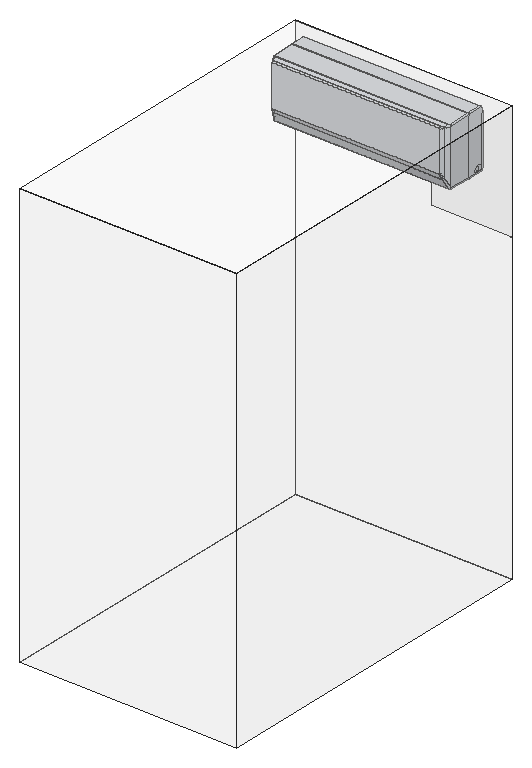
Revit family "pk-rp28_112laka19_50hz", category 機械設備, Revit 2019
Family settings
  丸型コネクタ寸法 = 直径を使用
  パーツ タイプ = 標準
  OmniClass 番号 = 23.75.10.24.21.27.27
  OmniClass タイトル = Split System Air Conditioning Units
  作業面ベース = いいえ
  常に垂直 = はい
  ロード時にボイドで切り取り = いいえ
  共有 = いいえ
  部屋計算ポイント = はい
Parameters (values of type "壁掛_PK-RP28LA3")
  風量_静 (m3/min) = 6.3
  風量_強 (m3/min) = 8.7
  風量_弱 (m3/min) = 7.3
  風量_中 (m3/min) = 8
  風量 = MAX風量  # 522.0 m³/h
  音響パワーレベル_静 (dB) = 45
  音響パワーレベル_弱 (dB) = 48
  音響パワーレベル_中 (dB) = 50
  音響パワーレベル_強 (dB) = 52
  音響パワーレベル(dB) = [音響パワーレベル_強 (dB)]  # 52
  電源種別 = ""
  電源_H = 0 mm
  電圧 = 0 V
  電動機出力_送風機 = 0.03 kW
  運転質量 = 0.00 kg
  連動 = ""
  質量 = if(製品質量 > 運転質量, 製品質量, 運転質量) * 1.2  # 15.00 kg
  負荷分類 = 3_ファン類
  構成品番 = "PK-RP28LA3"
  壁掛_PK-RP80_112KA17 = no
  壁掛_PK-RP56_71KA17 = no
  壁掛_PK-RP40_50LA = yes
  冷媒液管位置-Z = 280 mm
  冷媒液管位置-Y = 23 mm
  冷媒液管位置-X = 711 mm
  冷媒ガス管位置-Z = 268 mm
  冷媒ガス管位置-Y = 23 mm
  冷媒ガス管位置-X = 642 mm
  ドレン管径 (外径) = 22 mm
  ドレン位置-Z = 274 mm
  ドレン位置-Y = 37 mm
  ドレン位置-X = 660 mm
  サービススペース PK-RP56KA～PK-RP71KA = no
  サービススペース PK-RP40LA～PK-RP50LA / PK-RP80KA～PK-RP112KA = yes
  【値が 0 の項目は組合せ形名にてご確認ください】 = ""
  URL = "https://www.mitsubishielectric.co.jp/ldg/wink/ssl/top.do"
  Space Top = 50 mm
  Space Right_1 = 260 mm
  Space Right = 150 mm
  Space Left = 50 mm
  Space Bot_2 = 250 mm
  Space Bot_1 = 7 mm
  MIN２風量 = [風量_静 (m3/min)] * 60.0 m³/h  # 378.0 m³/h
  MIN風量 = [風量_弱 (m3/min)] * 60.0 m³/h  # 438.0 m³/h
  MID風量 = [風量_中 (m3/min)] * 60.0 m³/h  # 480.0 m³/h
  MAX風量 = [風量_強 (m3/min)] * 60.0 m³/h  # 522.0 m³/h
  説明 = "店舗・事務所用パッケージエアコン(Mr.SLIM) 壁掛形<ワイヤード>"
  設計暖房能力 = 0.00 kW
  設計冷房能力_顕熱 = 0 kW
  設計冷房能力 = 0 kW
  設置方法 = "壁掛形"
  記号 = ""
  製造元 = "三菱電機株式会社"
  製品質量 = 12.50 kg
  製品出荷対象 = "国内"
  製品リリース年月 = ""
  製品グループ = ""
  系統 = ""
  符号 = "PAC_WR"
  積算_科目 = "1 空気調和設備"
  積算_拾い区分 [instance] = ""
  相 = 1
  盤記号 = ""
  発停方法 = "付属スイッチ"
  特殊仕様 = ""
  火災停止 = ""
  消費電力_暖房 = 0.02 kW
  消費電力_冷房 = 0.03 kW
  消費電力 = if(消費電力_冷房 > 消費電力_暖房, 消費電力_冷房, 消費電力_暖房)  # 0.03 kW
  法定耐用年数 = "6"
  極数 = 1
  材質 = ""
  本体マテリアル = none
  有効加湿量 = 0
  暖房能力 = 2.80 kW
  推奨ブレーカー容量 = 0 A
  形式_加湿器 = ""
  形式 = "壁掛（露出）形"
  幹線記号 = ""
  始動方式 = "直入"
  呼称 = "室内機_壁掛（露出）形"
  周波数 = 50 Hz
  吊り位置Y = 0 mm
  吊り位置X = 0 mm
  吊りボルト_H = 0 mm
  台数_手元リモコン = ""
  台数_冷媒分岐ユニット = ""
  参照している仕様書等のバージョン = "公共建築工事標準仕様書（機械設備工事編）平成31年度版"
  加湿給水管径 = 0.00 mm
  分類コード = "5.0053E+13"
  分類グループ = ""
  冷房能力 = 2.5 kW
  冷媒高低圧ガス管径 = 0.00 mm
  冷媒管径符号 = "Ac"
  冷媒管径 = 100.00 mm
  冷媒液管径 = 6.35 mm
  冷媒ガス管径 = 12.70 mm
  企業コード = "108420"
  付属品_フィルター = ""
  付属品 = ""
  仕様書バージョン = "Version1.0"
  Model = ""
  パネルマテリアル = none
  ドレン管径 = 16.00 mm
  サービススペース = yes
  コメント [instance] = ""
  ケーブル種類 = ""
  ケーブルサイズ = 0 mm
  Width = 898 mm
  Uniclass2015Version = "Systems v1.9"
  Uniclass2015Title = "Split coil remote air cooled condensing units"
  Uniclass2015Code = "Pr_70_65_03_84"
  SpecificationReference = ""
  SpecificationDescription = ""
  S_H = 356 mm
  Revision = ""
  ProductInformation = ""
  OmniClassCode = "23-33 17 13 11"
  IfcTypeProduct = ""
  IfcProduct = ""
  IfcExportType = "AIRCONDITIONINGUNIT"
  IfcExportAs = "IfcUnitaryEquipmentType"
  Height = 299 mm
  Depth = 237 mm
  価格 = 0
  Clearance Top = 50 mm
  Clearance Right = 150 mm
  Clearance Left = 50 mm
  Clearance Front = 1500 mm
  Clearance Bottom = 1800 mm
  Clearance Back = 0 mm
  Author = "三菱電機株式会社"
Reference planes
  plane 1 "中心(正面/背面)": y = 0
  plane 2: z = 11
  plane 3 "中心(左/右)": x = 0
  plane 4: x = -449
  plane 5: x = 449
  plane 6: z = -288
  plane 7: y = -242
  plane 8: y = -5
  plane 9: x = -211
  plane 10: x = -193
  plane 11: x = -262
  plane 12: y = -28
  plane 13: y = -28
  plane 14: y = -42
  plane 15: z = -269
  plane 16: z = -257
  plane 17: z = -263
  plane 18: z = 61
  plane 19: x = -499
  plane 20: x = 599
  plane 21: z = -295
  plane 22: z = -538
  plane 23: x = 189
  plane 24: y = -1742
  plane 25: z = -2088
  plane 26: x = -499
  plane 27: x = 599
  plane 28: y = -28
Forms (mm)
  Extrusion 1, solid, detail levels fine
    sketch origin (-88.875, 0, -1713) x (-1, 0, 0) y (0, 0, 1)
      loop
        line (-487.875, 1574) -> (-487.875, 1549) -> (-462.875, 1549) -> (-462.875, 1574) -> (-487.875, 1574)
    from -1 to 0
  Extrusion 2, solid, detail levels fine
    sketch origin (0, 0, 0) x (0, 1, 0) y (0, 0, 1)
      loop
        circle (-42, -263) r 11
    from 444 to 449
  Extrusion 3, solid, detail levels fine
    sketch origin (0, 0, 0) x (0, 1, 0) y (0, 0, 1)
      loop
        circle (-28, -263) r 15
    from 444 to 449
Dimensions and locks
  equal spacing: plane 5, plane 3 "中心(左/右)", plane 4
  "Width": plane 5 to plane 4
  "Height": level to plane 6
  locked: plane 8 to plane 1 "中心(正面/背面)" at 5
  "Depth": plane 7 to plane 8
  "ドレン位置-X": plane 5 to plane 9
  "冷媒ガス管位置-X": plane 5 to plane 10
  "冷媒液管位置-X": plane 5 to plane 11
  "ドレン位置-Y": plane 14 to plane 8
  "冷媒ガス管位置-Y": plane 13 to plane 8
  "冷媒液管位置-Y": plane 12 to plane 8
  "ドレン位置-Z": level to plane 17
  "冷媒ガス管位置-Z": level to plane 16
  "冷媒液管位置-Z": level to plane 15
  "Space Top": plane 18 to level
  "Space Left": plane 4 to plane 19
  "Space Right": plane 20 to plane 5
  "Space Bot_1": plane 6 to plane 21
  "Space Bot_2": plane 6 to plane 22
  "Space Right_1": plane 5 to plane 23
  equal spacing: plane 16, Extrusion 3 sketch curve, plane 15
  equal spacing: plane 12, Extrusion 3 sketch curve, plane 13
  locked: plane 5 to Extrusion 3 at 5
  "Clearance Front": plane 24 to plane 7
  "Clearance Bottom": plane 6 to plane 25
  "Clearance Left": plane 4 to plane 26
  "Clearance Right": plane 27 to plane 5
  plane 5 to Extrusion 1 sketch curve = 50 mm
  nested 3 to Extrusion 1 sketch curve = 150 mm
  "Clearance Top": nested 4 to plane 2
  "ドレン管径 (外径)": diameter of Extrusion 2 sketch curve
  aligned and locked: level to plane 2
  aligned and locked: plane 1 "中心(正面/背面)" to nested 1
  aligned and locked: plane 1 "中心(正面/背面)" to nested 2
  aligned and locked: plane 1 "中心(正面/背面)" to nested 3
  aligned and locked: level to nested 1
  aligned and locked: level to nested 3
  aligned and locked: plane 3 "中心(左/右)" to nested 2
  aligned and locked: plane 3 "中心(左/右)" to nested 1
  aligned and locked: plane 3 "中心(左/右)" to nested 3
  aligned and locked: plane 14 to Extrusion 2 sketch curve
  aligned and locked: plane 17 to Extrusion 2 sketch curve
  aligned and locked: plane 5 to Extrusion 3
  aligned and locked: plane 5 to Extrusion 2
  aligned and locked: Extrusion 3 to Extrusion 2
  aligned and locked: plane 1 "中心(正面/背面)" to nested 4
  aligned and locked: plane 24 to nested 4
  aligned and locked: plane 25 to nested 4
  aligned and locked: plane 26 to nested 4
  aligned and locked: plane 27 to nested 4
  aligned and locked: plane 18 to nested 4
  aligned and locked: plane 1 "中心(正面/背面)" to nested 5
  aligned and locked: plane 3 "中心(左/右)" to nested 5
  aligned and locked: plane 2 to nested 3
Automatic sketch dimensions
  Extrusion 1 sketch curve to plane 5 = 75 mm
  Extrusion 1 sketch curve to Extrusion 1 sketch curve = 25 mm
  radius of Extrusion 3 sketch curve = 15 mm
Nested families
  nested 1: "pk-rp40_50(la)ka17" at (0, 0, 10), type "壁掛_PK-RP40_50LA", detail levels fine
  nested 2: "pk-rp56_71(la)ka17" at (0, 0, 11), type "壁掛_PK-RP56_71KA17"
    with 壁掛_PK-RP56-71KA17 no
  nested 3: "pk-rp80_112(la)ka17" at (0, 0, 11), type "壁掛_PK-RP80_112KA17"
    with 壁掛_PK-RP80_112KA17 no, 冷媒液管径 6.35 mm, 冷媒ガス管径 12.70 mm
  nested 4: "サービススペース" at (50, -871, -1013.5), visible <- "サービススペース", type "サービススペース"
    with Width 1098 mm, Height 2149 mm, Depth 1742 mm
  nested 5: "Space View" at (0, 0, 11), Bot_1 <- "Space Bot_1", Bot_2 <- "Space Bot_2", Hight <- "Height", Left <- "Space Left", Right <- "Space Right", Right_1 <- "Space Right_1", Top <- "Space Top", Width <- "Width", Space View <- "サービススペース PK-RP40LA～PK-RP50LA / PK-RP80KA～PK-RP112KA", type "Space View"
    with Width 898 mm, Top 50 mm, Space View yes, Right_1 260 mm, Right 150 mm, Left 50 mm, Hight 299 mm, Bot_2 250 mm, Bot_1 7 mm
Connectors
  piping at (449, -42, -263), diameter 22, driven by "ドレン管径 (外径)"
    settings: on Extrusion 2, index 1, connector inside diameter 609.60 mm, connector length 0 mm, flow factor 0, pipe flow 0.0 L/s, pressure drop 0.0 Pa, fitting loss kfactor 0, connector angle 0.00°, fixture units 0, engagement length 0 mm, angle of deflection 0.00°, flow configuration 1, flow direction 2, fitting loss method 4, system type 16, joint type 0, gender type 0, connector reference index -1, connector utility 0, adjustable connector no, is connector primary yes, connector description ""
  piping at (449, -28, -263), diameter 100, driven by "冷媒管径", driven by "冷媒管径符号"
    settings: on Extrusion 3, index 2, connector inside diameter 609.60 mm, connector length 0 mm, flow factor 0, pipe flow 0.0 L/s, pressure drop 0.0 Pa, fitting loss kfactor 0, connector angle 0.00°, fixture units 0, engagement length 0 mm, angle of deflection 0.00°, flow configuration 1, flow direction 1, fitting loss method 4, system type 7, joint type 0, gender type 0, connector reference index -1, connector utility 0, adjustable connector no, is connector primary no, connector description "Ac"
  electrical at (386.5, 0, -151.5), driven by "極数", driven by "負荷分類", driven by "電圧", driven by "消費電力"
    settings: on Extrusion 1, index 3, voltage 0 V, apparent load 30 VA, apparent load phase1 0 VA, apparent load phase2 0 VA, apparent load phase3 0 VA, power factor 1, load classification "3_ファン類", number of poles 1, system type 30, power factor state 1, is connector primary yes, connector utility no, sub classification motor no, connector description ""
Definition of nested family "pk-rp40_50(la)ka17"
  Parameters (values of type "壁掛_PK-RP40_50LA")
    壁掛_PK-RP40_50LA = yes
    冷媒液管位置-Y = 37 mm
    冷媒液管位置-X = 711 mm
    冷媒ガス管位置-Y = 23 mm
    冷媒ガス管位置-X = 642 mm
    ドレン管径 (外径) = 22 mm
    ドレン位置-Y = 23 mm
    ドレン位置-X = 660 mm
    URL = ""
    Description = ""
    Manufacturer = ""
    冷媒管径符号 = "Ac"
    冷媒管径 = 100.00 mm
    冷媒液管位置-Z = 280 mm
    冷媒液管径 = 6.35 mm
    冷媒ガス管位置-Z = 268 mm
    冷媒ガス管径 = 12.70 mm
    Model = ""
    ドレン位置-Z = 274 mm
    ドレン管径 = 16.00 mm
    Width = 898 mm
    S_H = 356 mm
    Height = 299 mm
    Depth = 237 mm
    Cost = 0
  Reference planes
    plane 1 "中心(正面/背面)": y = 0
    plane 2: z = 1
    plane 3 "中心(左/右)": x = 0
    plane 4 "UNDER": z = -298
    plane 5 "Left": x = -449
    plane 6: x = 449
    plane 7 "Fkidasi_L": x = -400
    plane 8 "Fkidasi_X": x = -262
    plane 9 "Fkidasi_Y": x = -193
    plane 10: y = -5
    plane 11: y = -42
    plane 12: y = -242
    plane 13: z = -279
    plane 14: z = -267
    plane 15: z = -273
    plane 16: y = -28
    plane 17: y = -28
    plane 18: x = -211
    plane 19: z = 1
    plane 20: x = 0
    plane 21: x = 0
  Forms (mm)
    Extrusion 1, void, detail levels fine
      sketch origin (0, 75, -2499) x (0, -1, 0) y (0, 0, 1)
        loop
          line (89, 2500) -> (80, 2500) -> (80, 2487) -> (89, 2500)
      from 449 to -449
    Extrusion 2, solid, visible <- "壁掛_PK-RP40_50LA", detail levels fine
      sketch origin (0, 0, -2509.072) x (-1, 0, 0) y (0, 0, 1)
        loop
          line (449, 2485.072) -> (-449, 2485.072) -> (-449, 2224.072) -> (449, 2224.072) -> (449, 2485.072)
      from 0 to -5
    Extrusion 3, solid, visible <- "壁掛_PK-RP40_50LA", detail levels fine
      sketch origin (0, -5, -2499) x (0, 0, -1) y (-1, 0, 0)
        loop
          line (-2500, 444) -> (-2500, -444)
          arc (-2500, -444) -> (-2498.536, -447.536) -> (-2495, -449) r 5
          line (-2495, -449) -> (-2206, -449)
          arc (-2206, -449) -> (-2202.464, -447.536) -> (-2201, -444) r 5
          line (-2201, -444) -> (-2201, 444)
          arc (-2201, 444) -> (-2202.464, 447.536) -> (-2206, 449) r 5
          line (-2206, 449) -> (-2495, 449)
          arc (-2495, 449) -> (-2498.536, 447.536) -> (-2500, 444) r 5
      from 0 to -83
    Blend 4, solid, visible <- "壁掛_PK-RP40_50LA"
      base sketch origin (0, -202, -1799) x (0, 0, 1) y (1, 0, 0)
        loop
          line (1796, -444) -> (1796, 444)
          arc (1796, 444) -> (1794.536, 447.536) -> (1791, 449) r 5
          line (1791, 449) -> (1515, 449)
          arc (1515, 449) -> (1508.636, 446.364) -> (1506, 440) r 9
          line (1506, 440) -> (1506, -440)
          arc (1506, -440) -> (1508.636, -446.364) -> (1515, -449) r 9
          line (1515, -449) -> (1791, -449)
          arc (1791, -449) -> (1794.536, -447.536) -> (1796, -444) r 5
      top sketch origin (0, -202, -1799) x (0, 0, 1) y (1, 0, 0)
        loop
          line (1793, -427) -> (1793, 427)
          arc (1793, 427) -> (1791.536, 430.536) -> (1788, 432) r 5
          line (1788, 432) -> (1559, 432)
          arc (1559, 432) -> (1555.464, 430.536) -> (1554, 427) r 5
          line (1554, 427) -> (1554, -427)
          arc (1554, -427) -> (1555.464, -430.536) -> (1559, -432) r 5
          line (1559, -432) -> (1788, -432)
          arc (1788, -432) -> (1791.536, -430.536) -> (1793, -427) r 5
      from 0 to -25
    Blend 5, solid, visible <- "壁掛_PK-RP40_50LA", detail levels fine
      base sketch origin (0, -227, -1799) x (0, 0, 1) y (1, 0, 0)
        loop
          arc (1793, 427) -> (1791.536, 430.536) -> (1788, 432) r 5
          line (1788, 432) -> (1559, 432)
          arc (1559, 432) -> (1555.464, 430.536) -> (1554, 427) r 5
          line (1554, 427) -> (1554, -427)
          arc (1554, -427) -> (1555.464, -430.536) -> (1559, -432) r 5
          line (1559, -432) -> (1788, -432)
          arc (1788, -432) -> (1791.536, -430.536) -> (1793, -427) r 5
          line (1793, -427) -> (1793, 427)
      top sketch origin (0, -227, -1799) x (0, 0, 1) y (1, 0, 0)
        loop
          line (1793, -419) -> (1793, 419)
          arc (1793, 419) -> (1791.536, 422.536) -> (1788, 424) r 5
          line (1788, 424) -> (1590, 424)
          arc (1590, 424) -> (1586.464, 422.536) -> (1585, 419) r 5
          line (1585, 419) -> (1585, -419)
          arc (1585, -419) -> (1586.464, -422.536) -> (1590, -424) r 5
          line (1590, -424) -> (1788, -424)
          arc (1788, -424) -> (1791.536, -422.536) -> (1793, -419) r 5
      from 0 to -15
    Blend 6, solid, visible <- "壁掛_PK-RP40_50LA", detail levels fine
      base sketch origin (62.5, -88, -1799) x (0, 0, 1) y (1, 0, 0)
        loop
          arc (1800, 381.5) -> (1798.536, 385.036) -> (1795, 386.5) r 5
          line (1795, 386.5) -> (1506, 386.5)
          arc (1506, 386.5) -> (1502.464, 385.036) -> (1501, 381.5) r 5
          line (1501, 381.5) -> (1501, -506.5)
          arc (1501, -506.5) -> (1502.464, -510.036) -> (1506, -511.5) r 5
          line (1506, -511.5) -> (1795, -511.5)
          arc (1795, -511.5) -> (1798.536, -510.036) -> (1800, -506.5) r 5
          line (1800, -506.5) -> (1800, 381.5)
      top sketch origin (62.5, -88, -1799) x (0, 0, 1) y (1, 0, 0)
        loop
          line (1796, -506.5) -> (1796, 381.5)
          arc (1796, 381.5) -> (1794.536, 385.036) -> (1791, 386.5) r 5
          line (1791, 386.5) -> (1511, 386.5)
          arc (1511, 386.5) -> (1507.464, 385.036) -> (1506, 381.5) r 5
          line (1506, 381.5) -> (1506, -502.5)
          arc (1506, -502.5) -> (1508.636, -508.864) -> (1515, -511.5) r 9
          line (1515, -511.5) -> (1791, -511.5)
          arc (1791, -511.5) -> (1794.536, -510.036) -> (1796, -506.5) r 5
      from 0 to -114
    Sweep 7, solid, visible <- "壁掛_PK-RP40_50LA", detail levels fine
      path origin (0, 75, -1799) x (-1, 0, 0) y (0, 0, 1)
        loop
          line (262, 1521) -> (-271, 1521)
      profile origin (4.5, 75, -278) x (0, 0, -1) y (0, 1, 0)
        loop
          circle (1, -103) r 3.175
    Sweep 8, solid, visible <- "壁掛_PK-RP40_50LA", detail levels fine
      path origin (0, 75, -1799) x (-1, 0, 0) y (0, 0, 1)
        loop
          line (-257, 1533) -> (193, 1533)
      profile origin (32, 75, -266) x (0, 0, 1) y (0, 1, 0)
        loop
          circle (-1, -103) r 6.35
    Sweep 9, solid, visible <- "壁掛_PK-RP40_50LA", detail levels fine
      path origin (0, 75, -1799) x (-1, 0, 0) y (0, 0, 1)
        loop
          line (211, 1527) -> (-289, 1527)
      profile origin (39, 75, -272) x (0, 0, -1) y (0, 1, 0)
        loop
          circle (1, -117) r 11
  Cuts and joins
    Extrusion 1 cuts Extrusion 3
  Lines and regions (mm)
    model lines, visible <- "壁掛_PK-RP40_50LA", detail levels fine
      curve 1: line (274, -5, -298) -> (274, -54, -298)
      curve 2: line (292, -72, -298) -> (331, -72, -298)
      curve 3: line (349, -54, -298) -> (349, -5, -298)
      curve 4: line (324, -54, -298) -> (324, -5, -298)
      curve 5: arc (292, -72, -298) -> (279.272, -66.728, -298) -> (274, -54, -298) r 18
      curve 6: arc (306, -72, -298) -> (318.728, -66.728, -298) -> (324, -54, -298) r 18
      curve 7: arc (331, -72, -298) -> (343.728, -66.728, -298) -> (349, -54, -298) r 18
      curve 8: line (-430, -5, -298) -> (-430, -54, -298)
      curve 9: line (-412, -72, -298) -> (-378, -72, -298)
      curve 10: line (-360, -54, -298) -> (-360, -5, -298)
      curve 11: line (-399.073, -53.123, -298) -> (-399.073, -5, -298)
      curve 12: arc (-412, -72, -298) -> (-424.728, -66.728, -298) -> (-430, -54, -298) r 18
      curve 13: arc (-399.073, -53.123, -298) -> (-394.55, -65.481, -298) -> (-383.118, -72, -298) r 19.145
      curve 14: arc (-360, -54, -298) -> (-365.272, -66.728, -298) -> (-378, -72, -298) r 18
      curve 15: line (366.5, -202, -293) -> (366.5, -208.929, -279.696)
      curve 16: line (366.5, -208.929, -279.696) -> (326.5, -208.929, -279.696)
      curve 17: line (326.5, -208.929, -279.696) -> (326.5, -202, -293)
      curve 18: line (326.5, -202, -293) -> (326.5, -188.513, -293.592)
      curve 19: line (326.5, -188.513, -293.592) -> (366.5, -188.513, -293.592)
      curve 20: line (366.5, -188.513, -293.592) -> (366.5, -202, -293)
      curve 21: line (449, -5, -229) -> (449, -52, -229)
      curve 22: line (449, -70, -247) -> (449, -70, -270)
      curve 23: line (449, -52, -288) -> (449, -5, -288)
      curve 24: line (449, -49.143, -241) -> (449, -5, -241)
      curve 25: arc (449, -52, -288) -> (449, -64.728, -282.728) -> (449, -70, -270) r 18
      curve 26: arc (449, -52, -229) -> (449, -64.728, -234.272) -> (449, -70, -247) r 18
      curve 27: arc (449, -70, -261.857) -> (449, -63.891, -247.109) -> (449, -49.143, -241) r 20.857
      curve 28: line (-449, -5, -288) -> (-449, -52, -288)
      curve 29: line (-449, -70, -270) -> (-449, -70, -236)
      curve 30: line (-449, -52, -218) -> (-449, -5, -218)
      curve 31: line (-449, -5, -238) -> (-449, -52, -238)
      curve 32: arc (-449, -52, -288) -> (-449, -64.728, -282.728) -> (-449, -70, -270) r 18
      curve 33: arc (-449, -70, -236) -> (-449, -64.728, -223.272) -> (-449, -52, -218) r 18
      curve 34: arc (-449, -70, -256) -> (-449, -64.728, -243.272) -> (-449, -52, -238) r 18
      curve 35: line (-400, -227, -245) -> (-400, -202, -293)
      curve 36: line (250, -227, -245) -> (250, -202, -293)
      curve 37: line (250, -202, -293) -> (250, -88, -298)
      curve 38: line (-400, -200.122, -293.082) -> (-400, -88, -298)
  Dimensions and locks
    "Width": plane 5 "Left" to plane 6
    plane 5 "Left" to plane 3 "中心(左/右)" to plane 6 = 449 mm, 449 mm
    equal spacing: plane 5 "Left", plane 3 "中心(左/右)", plane 6
    "Depth": plane 10 to plane 12
    "ドレン位置-Z": level to plane 15
    "冷媒ガス管位置-Z": level to plane 14
    "冷媒液管位置-Z": level to plane 13
    "Height": level to plane 4 "UNDER"
    "ドレン位置-Y": plane 10 to plane 17
    "冷媒ガス管位置-Y": plane 10 to plane 16
    "冷媒液管位置-Y": plane 10 to plane 11
    "冷媒液管位置-X": plane 6 to plane 8 "Fkidasi_X"
    "冷媒ガス管位置-X": plane 6 to plane 9 "Fkidasi_Y"
    "ドレン位置-X": plane 6 to plane 18
    locked: plane 10 to plane 1 "中心(正面/背面)" at 5
    "冷媒液管径": diameter of Sweep 7 sketch curve
    "冷媒ガス管径": diameter of Sweep 8 sketch curve
    "ドレン管径 (外径)": diameter of Sweep 9 sketch curve
    aligned and locked: level to plane 2
    aligned and locked: Sweep 8 to plane 9 "Fkidasi_Y"  (x2)
    aligned and locked: Sweep 7 to plane 8 "Fkidasi_X"
    aligned and locked: plane 12 to Blend 5
    aligned and locked: plane 15 to Sweep 9 sketch curve
    aligned and locked: plane 14 to Sweep 8 sketch curve
    aligned and locked: plane 13 to Sweep 7 sketch curve
    aligned and locked: plane 17 to Sweep 7 sketch curve
    aligned and locked: plane 16 to Sweep 8 sketch curve
    aligned and locked: plane 11 to Sweep 9 sketch curve
    aligned and locked: plane 20 to plane 3 "中心(左/右)"
    aligned and locked: plane 21 to plane 20
  Automatic sketch dimensions
    Extrusion 1 sketch curve to plane 10 = 0 mm
    Extrusion 1 sketch curve to plane 10 = 9 mm
    Extrusion 2 sketch curve to plane 6 = 0 mm
    plane 5 "Left" to Extrusion 2 sketch curve = 0 mm
    Extrusion 2 sketch curve to level = 286 mm
    Extrusion 3 sketch curve to plane 6 = 0 mm
    plane 5 "Left" to Extrusion 3 sketch curve = 0 mm
    Extrusion 3 sketch curve to level = 299 mm
    Extrusion 3 sketch curve to level = 294 mm  (x2)
    plane 5 "Left" to Blend 4 sketch curve = 0 mm
    Blend 4 sketch curve to plane 6 = 0 mm
    Blend 4 sketch curve to level = 294 mm
    Blend 4 sketch curve to Blend 4 sketch curve = 9 mm  (x2)
    Blend 4 sketch curve to plane 6 = 5 mm
    Blend 4 sketch curve to plane 6 = 22 mm
    Blend 4 sketch curve to level = 246 mm
    Blend 4 sketch curve to Blend 4 sketch curve = 5 mm  (x4)
    Blend 4 sketch curve to plane 5 "Left" = 22 mm
    Blend 5 sketch curve to level = 246 mm
    Blend 5 sketch curve to Blend 5 sketch curve = 5 mm  (x7)
    Blend 5 sketch curve to plane 5 "Left" = 17 mm
    Blend 5 sketch curve to plane 6 = 22 mm
    Blend 5 sketch curve to plane 7 "Fkidasi_L" = 19 mm
    Blend 5 sketch curve to level = 215 mm
    Blend 5 sketch curve to plane 6 = 30 mm
    Blend 6 sketch curve to level = 299 mm
    Blend 6 sketch curve to plane 6 = 0 mm  (x2)
    plane 5 "Left" to Blend 6 sketch curve = 0 mm  (x2)
    Blend 6 sketch curve to level = 294 mm  (x3)
    Blend 6 sketch curve to plane 6 = 5 mm  (x2)
    Blend 6 sketch curve to Blend 6 sketch curve = 9 mm
    curve 11 to Extrusion 3 = 0 mm
    curve 1 to Extrusion 3 = 0 mm
    curve 8 to Extrusion 3 = 0 mm
    curve 4 to Extrusion 3 = 0 mm
    curve 3 to Extrusion 3 = 0 mm
    curve 10 to Extrusion 3 = 0 mm
    curve 13 to Extrusion 3 = 34.877 mm
    curve 12 to curve 13 = 0.877 mm
    curve 10 to curve 13 = 0.877 mm
    curve 3 to Extrusion 3 = 34 mm
    curve 4 to curve 7 = 0 mm
    curve 9 to Extrusion 3 = 16 mm
    curve 2 to Extrusion 3 = 16 mm
    Extrusion 3 to curve 3 = 95 mm
    curve 7 to curve 4 = 7 mm
    curve 6 to curve 2 = 14 mm
    Extrusion 3 to curve 10 = 84 mm
    curve 14 to curve 13 = 1.927 mm
    curve 13 to curve 11 = 19.145 mm
    curve 13 to curve 12 = 12.927 mm
    curve 35 to Blend 4 = 0 mm
    Blend 4 to curve 35 = 0 mm
    Blend 4 to curve 36 = 0 mm
    curve 36 to Blend 4 = 0 mm
    curve 17 to Blend 4 = 0 mm
    curve 15 to Blend 4 = 0 mm
    Blend 4 to curve 17 = 15 mm
    curve 17 to Blend 4 = 106.857 mm
    curve 16 to curve 15 = 40 mm
    curve 36 to curve 17 = 76.5 mm
    curve 35 to curve 36 = 650 mm
    curve 38 to Blend 6 = 0 mm
    curve 37 to Blend 6 = 0 mm
    Blend 6 to curve 37 = 0 mm
    Blend 6 to curve 18 = 0 mm
    Blend 6 to curve 20 = 0 mm
    Blend 6 to curve 19 = 13.5 mm
    curve 19 to Blend 6 = 117.5 mm
    curve 18 to curve 19 = 40 mm
    curve 37 to curve 18 = 76.5 mm
    curve 38 to curve 37 = 650 mm
    Blend 6 to curve 38 = 1.879 mm
    curve 21 to Extrusion 3 = 0 mm
    curve 24 to Extrusion 3 = 0 mm
    curve 23 to Extrusion 3 = 0 mm
    curve 21 to curve 24 = 12 mm
    Extrusion 3 to curve 22 = 18 mm
    curve 24 to curve 22 = 6 mm
    curve 26 to curve 27 = 14.857 mm
    curve 27 to curve 25 = 8.143 mm
    curve 23 to Extrusion 3 = 5 mm
    curve 28 to Extrusion 3 = 0 mm
    curve 31 to Extrusion 3 = 0 mm
    curve 30 to Extrusion 3 = 0 mm
    curve 28 to Extrusion 3 = 5 mm
    curve 29 to Extrusion 3 = 23 mm
    curve 32 to curve 34 = 14 mm
    curve 34 to curve 31 = 18 mm
    curve 34 to curve 33 = 2 mm
    curve 33 to curve 30 = 18 mm
    Extrusion 3 to curve 32 = 36 mm
    Sweep 7 sketch curve to plane 8 "Fkidasi_X" = 0 mm
    Sweep 8 sketch curve to plane 9 "Fkidasi_Y" = 0 mm
    Sweep 9 sketch curve to plane 9 "Fkidasi_Y" = 18 mm
    Extrusion 1 sketch curve to level = 13 mm
    Extrusion 1 sketch curve to level = 0 mm
    Extrusion 2 sketch curve to level = 25 mm
    Extrusion 3 sketch curve to level = 5 mm  (x2)
    Extrusion 3 sketch curve to level = 0 mm
    Blend 4 sketch curve to level = 9 mm  (x2)
    Blend 4 sketch curve to level = 12 mm
    Blend 5 sketch curve to level = 12 mm  (x3)
    Blend 6 sketch curve to level = 5 mm  (x2)
    Blend 6 sketch curve to level = 0 mm
    Blend 6 sketch curve to level = 9 mm  (x2)
    plane 13 to Sweep 7 sketch curve = 1 mm
    plane 14 to Sweep 8 sketch curve = 1 mm
    plane 15 to Sweep 9 sketch curve = 1 mm
    curve 5 to curve 6 = 0 mm
    Sweep 7 sketch curve to plane 6 = 178 mm
    Sweep 8 sketch curve to plane 6 = 192 mm
    Sweep 9 sketch curve to plane 6 = 160 mm
    curve 22 to Extrusion 3 = 23 mm
Definition of nested family "サービススペース"
  Parameters (values of type "サービススペース")
    Width [instance] = 500 mm
    Height [instance] = 500 mm
    Depth [instance] = 500 mm
  Reference planes
    plane 1 "中心(正面/背面)": y = 0
    plane 2: z = 0
    plane 3 "中心(左/右)": x = 0
    plane 4: y = -250
    plane 5: x = 250
    plane 6: y = 250
    plane 7: x = -250
    plane 8: z = 250
    plane 9: z = -250
  Forms (mm)
    Extrusion 1, solid
      sketch origin (-638.939, 0, 72.39) x (1, 0, 0) y (0, 1, 0)
        loop
          line (388.939, 250) -> (388.939, -250) -> (888.939, -250) -> (888.939, 250) -> (388.939, 250)
      from -322.39 to 177.61
  Lines and regions (mm)
    symbolic lines
      curve 1: line (-250, 0, 250) -> (250, 0, 250)
      curve 2: line (-250, 0, -250) -> (-250, 0, 250)
      curve 3: line (250, 0, -250) -> (-250, 0, -250)
      curve 4: line (250, 0, 250) -> (250, 0, -250)
      curve 5: line (0, -250, 250) -> (0, 250, 250)
      curve 6: line (0, -250, -250) -> (0, -250, 250)
      curve 7: line (0, 250, -250) -> (0, -250, -250)
      curve 8: line (0, 250, 250) -> (0, 250, -250)
      curve 9: line (-250, 250, 0) -> (250, 250, 0)
      curve 10: line (-250, -250, 0) -> (-250, 250, 0)
      curve 11: line (250, -250, 0) -> (-250, -250, 0)
      curve 12: line (250, 250, 0) -> (250, -250, 0)
  Dimensions and locks
    equal spacing: plane 7, plane 3 "中心(左/右)", plane 5
    equal spacing: plane 4, plane 1 "中心(正面/背面)", plane 6
    "Depth": plane 4 to plane 6
    "Width": plane 7 to plane 5
    equal spacing: plane 8, plane 2, plane 9
    "Height": plane 8 to plane 9
    aligned and locked: plane 9 to curve 3
    aligned and locked: plane 7 to curve 2
    aligned and locked: curve 4 to plane 5
    aligned and locked: plane 5 to Extrusion 1
    aligned and locked: Extrusion 1 to plane 7
    aligned and locked: Extrusion 1 to plane 9
    aligned and locked: plane 8 to Extrusion 1
    aligned and locked: plane 9 to curve 7
  Automatic sketch dimensions
    plane 4 to Extrusion 1 sketch curve = 0 mm
    Extrusion 1 sketch curve to plane 7 = 0 mm
    Extrusion 1 sketch curve to plane 5 = 0 mm
    plane 6 to Extrusion 1 sketch curve = 0 mm
    curve 2 to plane 8 = 0 mm
    plane 4 to curve 11 = 0 mm
    curve 11 to plane 7 = 0 mm
    curve 11 to plane 5 = 0 mm
    plane 6 to curve 10 = 0 mm
    curve 7 to plane 4 = 0 mm
    curve 7 to plane 6 = 0 mm
    curve 6 to plane 8 = 0 mm
Definition of nested family "Space View"
  Parameters (values of type "Space View")
    Width [instance] = 898 mm
    Top [instance] = 50 mm
    Space View [instance] = yes
    Right_1 [instance] = 260 mm
    Right [instance] = 150 mm
    Left [instance] = 50 mm
    Hight [instance] = 299 mm
    Bot_2 [instance] = 250 mm
    Bot_1 [instance] = 7 mm
  Reference planes
    plane 1 "Center (Front/Back)": y = 0
    plane 2: z = 0
    plane 3 "Center (Left/Right)": x = 0
    plane 4: x = -499
    plane 5: z = 50
    plane 6: x = 599
    plane 7: z = -306
    plane 8: z = -549
    plane 9: x = -449
    plane 10: x = 449
    plane 11: z = -299
    plane 12: x = 189
  Forms (mm)
    Extrusion 1, solid, visible <- "Space View"
      sketch origin (0, 0, -1800) x (-1, 0, 0) y (0, 0, 1)
        loop
          line (499, 1850) -> (-599, 1850) -> (-599, 1251) -> (-189, 1251) -> (-189, 1494) -> (499, 1494) -> (499, 1850)
      from 0 to -1
  Dimensions and locks
    equal spacing: plane 10, plane 3 "Center (Left/Right)", plane 9
    "Width": plane 10 to plane 9
    "Right": plane 10 to plane 6
    "Left": plane 9 to plane 4
    "Hight": level to plane 11
    "Bot_1": plane 11 to plane 7
    "Bot_2": plane 11 to plane 8
    "Top": plane 5 to level
    "Right_1": plane 12 to plane 10
    aligned and locked: level to plane 2
    aligned and locked: Extrusion 1 to plane 4
    aligned and locked: plane 5 to Extrusion 1
    aligned and locked: plane 6 to Extrusion 1
    aligned and locked: plane 7 to Extrusion 1
    aligned and locked: plane 8 to Extrusion 1
    aligned and locked: plane 5 to Extrusion 1 sketch curve
    aligned and locked: Extrusion 1 sketch curve to plane 4
    aligned and locked: Extrusion 1 sketch curve to plane 7
    aligned and locked: Extrusion 1 sketch curve to plane 8
    aligned and locked: Extrusion 1 sketch curve to plane 6
    aligned and locked: plane 12 to Extrusion 1
  Automatic sketch dimensions
    plane 10 to Extrusion 1 sketch curve = 260 mm
Definition of nested family "pk-rp56_71(la)ka17"
  Parameters (values of type "壁掛_PK-RP56_71KA17")
    壁掛_PK-RP56-71KA17 = yes
    冷媒液管位置-Z = 250 mm
    冷媒液管位置-Y = 25 mm
    冷媒液管位置-X = 673 mm
    冷媒ガス管位置-Z = 270 mm
    冷媒ガス管位置-Y = 25 mm
    冷媒ガス管位置-X = 603 mm
    ドレン管径 (外径) = 22 mm
    ドレン位置-Z = 300 mm
    ドレン位置-Y = 25 mm
    ドレン位置-X = 733 mm
    URL = ""
    Description = ""
    Manufacturer = ""
    冷媒管径符号 = "Ac"
    冷媒管径 = 100.00 mm
    冷媒液管径 = 6.35 mm
    冷媒ガス管径 = 12.70 mm
    Model = ""
    ドレン管径 = 16.00 mm
    Width = 1100 mm
    S_H = 404 mm
    Height = 325 mm
    Depth = 258 mm
    Cost = 0
  Reference planes
    plane 1 "中心(正面/背面)": y = 0
    plane 2: z = 0
    plane 3 "中心(左/右)": x = 0
    plane 4 "TOP": z = 0
    plane 5 "UNDER": z = -325
    plane 6 "Left": x = -550
    plane 7: x = 550
    plane 8 "Fkidasi_V": z = -332
    plane 9 "Fkidasi_Z": z = -300
    plane 10 "Fkidasi_AA": z = -270
    plane 11 "Fkidasi_BB": z = -250
    plane 12: x = 377
    plane 13 "Fkidasi_CC": x = -183
    plane 14 "Fkidasi_DD": x = -123
    plane 15 "Fkidasi_EE": x = -53
    plane 16: y = -5
    plane 17: y = -263
    plane 18: y = -30
    plane 19: y = -30
    plane 20: y = -30
    plane 21: z = 0
    plane 22: x = 0
  Forms (mm)
    Sweep 1, solid, visible <- "壁掛_PK-RP56-71KA17", detail levels fine
      path origin (0, 85, -1776) x (-1, 0, 0) y (0, 0, 1)
        loop
          line (-377, 1506) -> (53, 1506)
      profile origin (162, 85, -270) x (0, 0, 1) y (0, 1, 0)
        loop
          circle (0, -115) r 6.35
    Sweep 2, solid, visible <- "壁掛_PK-RP56-71KA17", detail levels fine
      path origin (0, 85, -1744) x (-1, 0, 0) y (0, 0, 1)
        loop
          line (123, 1494) -> (-377, 1494)
      profile origin (127, 85, -250) x (0, 0, -1) y (0, 1, 0)
        loop
          circle (0, -115) r 3.175
    Sweep 3, solid, visible <- "壁掛_PK-RP56-71KA17", detail levels fine
      path origin (0, 75, -1850) x (-1, 0, 0) y (0, -1, 0)
        loop
          line (183, 105) -> (-377, 105)
      profile origin (97, -30, -1850) x (0, 1, 0) y (0, 0, 1)
        loop
          circle (0, 1550) r 11
    Extrusion 4, solid, visible <- "壁掛_PK-RP56-71KA17"
      sketch origin (-572, -4.93, 72) x (0, 0, -1) y (0, -1, 0)
        loop
          arc (72, 6.933) -> (72.338, 5.549) -> (73.277, 4.477) r 3
          line (73.277, 4.477) -> (78.269, 0.976)
          arc (78.269, 0.976) -> (79.634, 0.302) -> (81.14, 0.07) r 5
          line (81.14, 0.07) -> (93.863, 0.07) -> (93.863, -3.73)
          arc (93.863, -3.73) -> (94.214, -4.579) -> (95.063, -4.93) r 1.2
          line (95.063, -4.93) -> (382.983, -4.93)
          arc (382.983, -4.93) -> (383.752, -4.777) -> (384.402, -4.34) r 2
          line (384.402, -4.34) -> (391.687, 2.995) -> (393.576, 2.486) -> (396.064, 2.486) -> (396.064, 74.487) -> (397, 74.487) -> (396.249, 96.275)
          arc (396.249, 96.275) -> (386.433, 144.686) -> (361.405, 187.272) r 149.804
          arc (361.405, 187.272) -> (360.715, 187.808) -> (359.863, 187.999) r 2
          line (359.863, 187.999) -> (351.218, 187.999) -> (351.218, 189.494) -> (358.547, 189.494)
          arc (358.547, 189.494) -> (359.077, 189.813) -> (359.045, 190.43) r 0.6
          arc (359.045, 190.43) -> (356.535, 194.254) -> (354.116, 198.136) r 193.914
          arc (354.116, 198.136) -> (346.059, 210.496) -> (337.22, 222.309) r 228.274
          line (337.22, 222.309) -> (330.325, 231.46)
          arc (330.325, 231.46) -> (329.848, 231.872) -> (329.245, 232.052) r 1.5
          arc (329.245, 232.052) -> (268.628, 247.266) -> (206.817, 256.492) r 639.712
          arc (206.817, 256.492) -> (187.622, 257.823) -> (168.382, 258) r 320.323
          arc (168.382, 258) -> (152.854, 257.385) -> (137.36, 256.189) r 414.965
          arc (137.36, 256.189) -> (135.749, 255.382) -> (135.1, 253.701) r 2.5
          line (135.1, 253.701) -> (135.1, 238.591) -> (133.187, 234.008)
          arc (133.187, 234.008) -> (111.703, 220.588) -> (95.132, 201.429) r 84.941
          arc (95.132, 201.429) -> (91.762, 195.916) -> (88.556, 190.306) r 219.053
          arc (88.556, 190.306) -> (88.564, 189.763) -> (89.035, 189.494) r 0.547
          line (89.035, 189.494) -> (93.338, 189.494) -> (92.464, 187.999) -> (86.86, 187.999)
          arc (86.86, 187.999) -> (86.322, 187.842) -> (85.953, 187.421) r 1
          arc (85.953, 187.421) -> (81.274, 174.893) -> (78.608, 161.789) r 85.448
          arc (78.608, 161.789) -> (73.655, 125.49) -> (72, 88.891) r 405.418
          line (72, 88.891) -> (72, 6.933)
      from -1122 to -22
  Lines and regions (mm)
    model lines, visible <- "壁掛_PK-RP56-71KA17", detail levels fine
      curve 1: line (550, -79.418, -324.064) -> (550, -79.418, 0)
      curve 2: line (550, 0, -241.868) -> (550, -79.418, -241.868)
      curve 3: line (550, 0, -243.128) -> (550, -64.595, -243.128)
      curve 4: line (550, -72.595, -251.128) -> (550, -72.595, -311.603)
      curve 5: line (550, -64.595, -319.603) -> (550, -7.841, -319.603)
      curve 6: arc (550, -64.595, -243.128) -> (550, -70.251, -245.471) -> (550, -72.595, -251.128) r 8
      curve 7: arc (550, -72.595, -311.603) -> (550, -70.251, -317.26) -> (550, -64.595, -319.603) r 8
      curve 8: line (-550, -79.418, -324.064) -> (-550, -79.418, 0)
      curve 9: line (-550, 0, -241.868) -> (-550, -79.418, -241.868)
      curve 10: line (-550, 0, -243.128) -> (-550, -64.595, -243.128)
      curve 11: line (-550, -72.595, -251.128) -> (-550, -72.595, -311.603)
      curve 12: line (-550, -64.595, -319.603) -> (-550, -7.841, -319.603)
      curve 13: arc (-550, -64.595, -243.128) -> (-550, -70.251, -245.471) -> (-550, -72.595, -251.128) r 8
      curve 14: arc (-550, -72.595, -311.603) -> (-550, -70.251, -317.26) -> (-550, -64.595, -319.603) r 8
  Dimensions and locks
    equal spacing: plane 7, plane 3 "中心(左/右)", plane 6 "Left"
    "Width": plane 6 "Left" to plane 7
    "Height": plane 5 "UNDER" to plane 4 "TOP"
    plane 8 "Fkidasi_V" to plane 5 "UNDER" = 7 mm
    plane 12 to plane 7 = 173 mm
    plane 12 to plane 13 "Fkidasi_CC" = 560 mm
    "冷媒液管位置-Z": plane 4 "TOP" to plane 11 "Fkidasi_BB"
    "冷媒ガス管位置-Z": plane 4 "TOP" to plane 10 "Fkidasi_AA"
    "ドレン位置-Z": plane 4 "TOP" to plane 9 "Fkidasi_Z"
    equal spacing: plane 6 "Left", plane 3 "中心(左/右)", plane 7
    plane 5 "UNDER" to plane 8 "Fkidasi_V" = 7 mm
    locked: plane 16 to plane 1 "中心(正面/背面)" at 5
    "Depth": plane 17 to plane 16
    "ドレン位置-Y": plane 18 to plane 16
    "冷媒ガス管位置-Y": plane 19 to plane 16
    "冷媒液管位置-Y": plane 20 to plane 16
    "冷媒ガス管位置-X": plane 7 to plane 15 "Fkidasi_EE"
    "冷媒液管位置-X": plane 7 to plane 14 "Fkidasi_DD"
    "ドレン位置-X": plane 7 to plane 13 "Fkidasi_CC"
    "冷媒ガス管径": diameter of Sweep 1 sketch curve
    "冷媒液管径": diameter of Sweep 2 sketch curve
    "ドレン管径 (外径)": diameter of Sweep 3 sketch curve
    aligned and locked: level to plane 2
    aligned and locked: plane 15 "Fkidasi_EE" to Sweep 1 sketch curve
    aligned and locked: plane 9 "Fkidasi_Z" to Sweep 3 sketch curve
    aligned and locked: plane 10 "Fkidasi_AA" to Sweep 1 sketch curve
    aligned and locked: plane 11 "Fkidasi_BB" to Sweep 2 sketch curve
    aligned and locked: plane 18 to Sweep 1 sketch curve
    aligned and locked: plane 19 to Sweep 2 sketch curve
    aligned and locked: plane 20 to Sweep 3 sketch curve
    aligned and locked: Sweep 2 to plane 14 "Fkidasi_DD"
    aligned and locked: Sweep 3 to plane 13 "Fkidasi_CC"
    aligned and locked: plane 15 "Fkidasi_EE" to Sweep 1
    aligned and locked: plane 22 to plane 3 "中心(左/右)"
  Automatic sketch dimensions
    Sweep 1 sketch curve to plane 10 "Fkidasi_AA" = 0 mm
    Sweep 1 sketch curve to plane 12 = 0 mm
    Sweep 2 sketch curve to plane 11 "Fkidasi_BB" = 0 mm
    Sweep 2 sketch curve to plane 12 = 0 mm
    plane 14 "Fkidasi_DD" to Sweep 2 sketch curve = 0 mm
    Sweep 3 sketch curve to plane 12 = 0 mm
    Sweep 3 sketch curve to plane 13 "Fkidasi_CC" = 0 mm
    Extrusion 4 sketch curve to Extrusion 4 sketch curve = 1.277 mm
    Extrusion 4 sketch curve to Extrusion 4 sketch curve = 4.991 mm
    Extrusion 4 sketch curve to Extrusion 4 sketch curve = 2.871 mm
    Extrusion 4 sketch curve to Extrusion 4 sketch curve = 2.175 mm
    Extrusion 4 sketch curve to Extrusion 4 sketch curve = 3.429 mm
    Extrusion 4 sketch curve to Extrusion 4 sketch curve = 0.874 mm
    Extrusion 4 sketch curve to Extrusion 4 sketch curve = 12.723 mm
    Extrusion 4 sketch curve to Extrusion 4 sketch curve = 1.2 mm
    Extrusion 4 sketch curve to Extrusion 4 sketch curve = 39.849 mm
    Extrusion 4 sketch curve to Extrusion 4 sketch curve = 1.913 mm
    Extrusion 4 sketch curve to Extrusion 4 sketch curve = 2.5 mm
    Extrusion 4 sketch curve to Extrusion 4 sketch curve = 86.959 mm
    Extrusion 4 sketch curve to Extrusion 4 sketch curve = 4.457 mm
    Extrusion 4 sketch curve to Extrusion 4 sketch curve = 3.528 mm
    Extrusion 4 sketch curve to Extrusion 4 sketch curve = 79.998 mm
    Extrusion 4 sketch curve to Extrusion 4 sketch curve = 1.973 mm
    Extrusion 4 sketch curve to Extrusion 4 sketch curve = 87.575 mm
    Extrusion 4 sketch curve to Extrusion 4 sketch curve = 33.791 mm
    Extrusion 4 sketch curve to Extrusion 4 sketch curve = 1.198 mm
    Extrusion 4 sketch curve to Extrusion 4 sketch curve = 6.896 mm
    Extrusion 4 sketch curve to Extrusion 4 sketch curve = 13.997 mm
    Extrusion 4 sketch curve to Extrusion 4 sketch curve = 7.329 mm
    Extrusion 4 sketch curve to Extrusion 4 sketch curve = 1.315 mm
    Extrusion 4 sketch curve to Extrusion 4 sketch curve = 7.285 mm
    Extrusion 4 sketch curve to Extrusion 4 sketch curve = 1.888 mm
    Extrusion 4 sketch curve to Extrusion 4 sketch curve = 2.489 mm
    Extrusion 4 sketch curve to Extrusion 4 sketch curve = 0.936 mm
    Extrusion 4 sketch curve to Extrusion 4 sketch curve = 94.621 mm
    Extrusion 4 sketch curve to Extrusion 4 sketch curve = 223.194 mm
    Extrusion 4 sketch curve to Extrusion 4 sketch curve = 3.8 mm
    Extrusion 4 sketch curve to Extrusion 4 sketch curve = 71.493 mm
    Extrusion 4 sketch curve to Extrusion 4 sketch curve = 81.958 mm
    Extrusion 4 sketch curve to Extrusion 4 sketch curve = 6.682 mm
    Extrusion 4 sketch curve to Extrusion 4 sketch curve = 21.787 mm
    Extrusion 4 sketch curve to Extrusion 4 sketch curve = 71.636 mm
    Extrusion 4 sketch curve to Extrusion 4 sketch curve = 4.708 mm
    Extrusion 4 sketch curve to Extrusion 4 sketch curve = 89.724 mm
    Extrusion 4 sketch curve to Extrusion 4 sketch curve = 35.644 mm
    Extrusion 4 sketch curve to Extrusion 4 sketch curve = 2 mm
    Extrusion 4 sketch curve to Extrusion 4 sketch curve = 1 mm
    Extrusion 4 sketch curve to Extrusion 4 sketch curve = 1.496 mm  (x2)
    Extrusion 4 sketch curve to Extrusion 4 sketch curve = 0.547 mm
    Extrusion 4 sketch curve to Extrusion 4 sketch curve = 0.6 mm
    Extrusion 4 sketch curve to Extrusion 4 sketch curve = 32.814 mm
    Extrusion 4 sketch curve to Extrusion 4 sketch curve = 8.248 mm
    Extrusion 4 sketch curve to Extrusion 4 sketch curve = 0.903 mm
    Extrusion 4 sketch curve to Extrusion 4 sketch curve = 44.514 mm
    Extrusion 4 sketch curve to Extrusion 4 sketch curve = 4.583 mm
    Extrusion 4 sketch curve to Extrusion 4 sketch curve = 15.11 mm
    Extrusion 4 sketch curve to Extrusion 4 sketch curve = 111.458 mm
    Extrusion 4 sketch curve to Extrusion 4 sketch curve = 8.252 mm
    Extrusion 4 sketch curve to Extrusion 4 sketch curve = 0 mm  (x5)
    curve 1 to Extrusion 4 = 0 mm  (x2)
    Extrusion 4 to curve 1 = 0 mm
    curve 2 to Extrusion 4 = 0 mm
    curve 3 to Extrusion 4 = 0 mm
    curve 5 to Extrusion 4 = 0 mm
    curve 3 to Extrusion 4 = 14.823 mm
    Extrusion 4 to curve 3 = 36.09 mm
    curve 4 to Extrusion 4 = 6.823 mm
    Extrusion 4 to curve 4 = 12.461 mm
    Extrusion 4 to curve 5 = 4.461 mm
    curve 2 to curve 3 = 1.26 mm
    curve 8 to Extrusion 4 = 0 mm
    curve 9 to Extrusion 4 = 0 mm  (x2)
    curve 10 to Extrusion 4 = 0 mm
    Extrusion 4 to curve 12 = 0 mm
    Extrusion 4 to curve 8 = 0 mm
    Extrusion 4 to curve 10 = 14.823 mm
    curve 10 to Extrusion 4 = 36.09 mm
    Extrusion 4 to curve 11 = 6.823 mm
    curve 11 to Extrusion 4 = 12.461 mm
    curve 12 to Extrusion 4 = 4.461 mm
    curve 9 to curve 10 = 1.26 mm
    Extrusion 4 sketch curve to level = 0 mm
    Extrusion 4 sketch curve to Extrusion 4 sketch curve = 3 mm
    Extrusion 4 sketch curve to level = 14.86 mm
    Extrusion 4 sketch curve to level = 71.398 mm
    Extrusion 4 sketch curve to plane 11 "Fkidasi_BB" = 7.127 mm
    plane 1 "中心(正面/背面)" to Extrusion 4 sketch curve = 2 mm
    plane 5 "UNDER" to Extrusion 4 sketch curve = 14.017 mm
    plane 1 "中心(正面/背面)" to Extrusion 4 sketch curve = 0.591 mm
    Extrusion 4 sketch curve to Extrusion 4 sketch curve = 1.419 mm
    plane 5 "UNDER" to Extrusion 4 sketch curve = 0.751 mm
    Extrusion 4 sketch curve to plane 8 "Fkidasi_V" = 73.418 mm
    Extrusion 4 sketch curve to plane 8 "Fkidasi_V" = 115.898 mm
    Extrusion 4 sketch curve to plane 1 "中心(正面/背面)" = 57.323 mm
    plane 1 "中心(正面/背面)" to Extrusion 4 sketch curve = 7.416 mm
    Extrusion 4 sketch curve to Extrusion 4 sketch curve = 0.509 mm
    Extrusion 4 sketch curve to Extrusion 4 sketch curve = 0.906 mm
    Extrusion 4 sketch curve to Extrusion 4 sketch curve = 3.501 mm
    plane 1 "中心(正面/背面)" to Extrusion 4 sketch curve = 84.649 mm
    plane 1 "中心(正面/背面)" to Extrusion 4 sketch curve = 89.365 mm
    plane 16 to Sweep 3 sketch curve = 25 mm
Definition of nested family "pk-rp80_112(la)ka17"
  Parameters (values of type "壁掛_PK-RP80_112KA17")
    壁掛_PK-RP80_112KA17 = yes
    冷媒液管位置-Z = 312 mm
    冷媒液管位置-Y = 30 mm
    冷媒液管位置-X = 636 mm
    冷媒ガス管位置-Z = 333 mm
    冷媒ガス管位置-Y = 25 mm
    冷媒ガス管位置-X = 567 mm
    ドレン管径 (外径) = 22 mm
    ドレン位置-Z = 347 mm
    ドレン位置-Y = 61 mm
    ドレン位置-X = 719 mm
    URL = ""
    Space View = yes
    Description = ""
    Manufacturer = ""
    冷媒管径符号 = "Bd"
    冷媒管径 = 100.00 mm
    冷媒液管径 = 9.52 mm
    冷媒ガス管径 = 15.88 mm
    Model = ""
    ドレン管径 = 16.00 mm
    Width = 1170 mm
    S_H = 356 mm
    Height = 365 mm
    Depth = 295 mm
    Cost = 0
  Reference planes
    plane 1 "中心(正面/背面)": y = 0
    plane 2: z = -365
    plane 3 "中心(左/右)": x = 0
    plane 4: y = -300
    plane 5 "TOP": z = 0
    plane 6 "UNDER": z = -365
    plane 7 "Left": x = -585
    plane 8: x = 585
    plane 9 "Fkidasi_W": x = 365
    plane 10 "Fkidasi_Z": z = -312
    plane 11 "Fkidasi_AA": z = -347
    plane 12 "Fkidasi_BB": z = -333
    plane 13 "Fkidasi_CC": x = 451
    plane 14 "Fkidasi_DD": x = -134
    plane 15 "Fkidasi_EE": x = 462
    plane 16 "Fkidasi_FF": x = 18
    plane 17 "Fkidasi_GG": x = -51
    plane 18 "Fkidasi_HH": x = 431
    plane 19: y = -5
    plane 20: y = -66
    plane 21: y = -30
    plane 22: y = -35
    plane 23: z = 0
    plane 24: x = 0
  Forms (mm)
    Extrusion 1, solid, visible <- "壁掛_PK-RP80_112KA17"
      sketch origin (0, 75, -2171.263) x (0, -1, 0) y (0, 0, 1)
        loop
          line (86.097, 2171.263) -> (83.331, 2165.477) -> (82.548, 2163.848) -> (80.491, 2159.56)
          arc (80.491, 2159.56) -> (80.124, 2158.506) -> (80, 2157.398) r 5
          line (80, 2157.398) -> (80, 2149.317) -> (76.612, 2149.317)
          arc (76.612, 2149.317) -> (75.472, 2148.844) -> (75, 2147.705) r 1.612
          line (75, 2147.705) -> (75, 1905.143) -> (75, 1848.295) -> (75, 1813.941)
          arc (75, 1813.941) -> (75.266, 1812.881) -> (76, 1812.073) r 2.245
          line (76, 1812.073) -> (80, 1809.442) -> (80, 1806.263) -> (109.248, 1806.263) -> (116.539, 1806.263) -> (126.266, 1806.263) -> (144.693, 1806.263) -> (146.251, 1806.048) -> (161.563, 1806.578)
          arc (161.563, 1806.578) -> (252.704, 1817.292) -> (339.762, 1846.314) r 448.951
          line (339.762, 1846.314) -> (339.762, 1855.201)
          arc (339.762, 1855.201) -> (340.231, 1856.488) -> (341.418, 1857.17) r 1.996
          line (341.418, 1857.17) -> (343.962, 1857.609) -> (343.962, 1860.233) -> (344.79, 1860.415) -> (344.79, 1858.589) -> (348.32, 1856.594) -> (359.447, 1859.05) -> (360.333, 1859.502) -> (375, 1879.225) -> (375, 2123.862) -> (374.019, 2124.843) -> (359.92, 2125.334) -> (348.32, 2125.734) -> (346.812, 2124.612) -> (346.812, 2121.6)
          arc (346.812, 2121.6) -> (345.546, 2122.291) -> (344.529, 2123.312) r 5.03
          line (344.529, 2123.312) -> (339.959, 2129.454) -> (339.409, 2130.888)
          arc (339.409, 2130.888) -> (247.501, 2161.202) -> (151.269, 2171.46) r 456.5
          line (151.269, 2171.46) -> (148.356, 2171.46) -> (146.253, 2171.46) -> (144.742, 2171.263) -> (126.266, 2171.263) -> (116.539, 2171.263) -> (109.248, 2171.263) -> (97.013, 2171.263) -> (86.097, 2171.263)
      from -585 to 585
    Extrusion 2, solid, visible <- "壁掛_PK-RP80_112KA17", detail levels fine
      sketch origin (451, 111, -2165.198) x (0, 0, -1) y (0, -1, 0)
        loop
          circle (-1818.198, 177) r 11
      from 0 to 585
    Extrusion 3, solid, visible <- "壁掛_PK-RP80_112KA17", detail levels fine
      sketch origin (431, 80, -2140.198) x (0, 0, -1) y (0, -1, 0)
        loop
          circle (-1828.198, 115) r 4.76
      from 0 to 482
    Extrusion 4, solid, visible <- "壁掛_PK-RP80_112KA17", detail levels fine
      sketch origin (462, 75, -2149.198) x (0, 0, -1) y (0, -1, 0)
        loop
          circle (-1816.198, 105) r 7.94
      from 0 to 444
  Lines and regions (mm)
    model lines, visible <- "壁掛_PK-RP80_112KA17", detail levels fine
      curve 1: line (-585, 0, -280.2) -> (-585, -62, -280.2)
      curve 2: line (-585, 0, -357.2) -> (-585, -62, -357.2)
      curve 3: line (-585, -70, -288.2) -> (-585, -70, -349.2)
      curve 4: arc (-585, -62, -280.2) -> (-585, -67.657, -282.543) -> (-585, -70, -288.2) r 8
      curve 5: arc (-585, -62, -357.2) -> (-585, -67.657, -354.857) -> (-585, -70, -349.2) r 8
      curve 6: line (-585, 0, -290.2) -> (-585, -62, -290.2)
      curve 7: arc (-585, -62, -290.2) -> (-585, -66.969, -291.833) -> (-585, -70, -296.095) r 8.376
      curve 8: line (565, -5, -365) -> (565, -62, -365)
      curve 9: line (557, -70, -365) -> (502.618, -70, -365)
      curve 10: line (488, -35.714, -365) -> (488, -5, -365)
      curve 11: arc (565, -62, -365) -> (562.657, -67.657, -365) -> (557, -70, -365) r 8
      curve 12: arc (522.286, -70, -365) -> (498.042, -59.958, -365) -> (488, -35.714, -365) r 34.286
      curve 13: line (478, -37.522, -365) -> (478, -5, -365)
      curve 14: arc (502.618, -70, -365) -> (484.85, -57.899, -365) -> (478, -37.522, -365) r 33.733
      curve 15: line (-565, -5, -365) -> (-565, -62, -365)
      curve 16: line (-557, -70, -365) -> (-513.614, -70, -365)
      curve 17: line (-499, -35.714, -365) -> (-499, -5, -365)
      curve 18: arc (-565, -62, -365) -> (-562.657, -67.657, -365) -> (-557, -70, -365) r 8
      curve 19: arc (-533.286, -70, -365) -> (-509.042, -59.958, -365) -> (-499, -35.714, -365) r 34.286
      curve 20: line (-488, -37.282, -365) -> (-488, -5, -365)
      curve 21: arc (-513.614, -70, -365) -> (-495.165, -58.058, -365) -> (-488, -37.282, -365) r 33.703
      curve 22: line (585, -115, -363.295) -> (585, -115, -1.664)
      curve 23: line (585, -115, -240.2) -> (585, -1, -240.2)
      curve 24: line (-585, -115, -240.2) -> (-585, -1, -240.2)
      curve 25: line (585, 0, -280.2) -> (585, -62, -280.2)
      curve 26: line (585, 0, -357.2) -> (585, -62, -357.2)
      curve 27: line (585, -70, -288.2) -> (585, -70, -349.2)
      curve 28: arc (585, -62, -280.2) -> (585, -67.657, -282.543) -> (585, -70, -288.2) r 8
      curve 29: arc (585, -62, -357.2) -> (585, -67.657, -354.857) -> (585, -70, -349.2) r 8
      curve 30: line (585, 0, -290.2) -> (585, -62, -290.2)
      curve 31: arc (585, -62, -290.2) -> (585, -66.969, -291.833) -> (585, -70, -296.095) r 8.376
      curve 32: line (-585, -115, -363.295) -> (-585, -115, -1.664)
  Dimensions and locks
    plane 8 to plane 13 "Fkidasi_CC" = 134 mm
    plane 8 to plane 18 "Fkidasi_HH" = 154 mm
    plane 8 to plane 15 "Fkidasi_EE" = 123 mm
    "Height": plane 6 "UNDER" to plane 5 "TOP"
    equal spacing: plane 7 "Left", plane 3 "中心(左/右)", plane 8
    "Width": plane 7 "Left" to plane 8
    "冷媒液管位置-Z": plane 5 "TOP" to plane 10 "Fkidasi_Z"
    "冷媒ガス管位置-Z": plane 5 "TOP" to plane 12 "Fkidasi_BB"
    "ドレン位置-Z": plane 5 "TOP" to plane 11 "Fkidasi_AA"
    plane 19 to plane 1 "中心(正面/背面)" = 5 mm
    plane 7 "Left" to plane 3 "中心(左/右)" to plane 8 = 585 mm, 585 mm
    plane 1 "中心(正面/背面)" to plane 20 = 66 mm
    plane 1 "中心(正面/背面)" to plane 21 = 30 mm
    plane 1 "中心(正面/背面)" to plane 22 = 35 mm
    "Depth": plane 19 to plane 4
    locked: plane 19 to plane 1 "中心(正面/背面)" at 5
    "冷媒液管位置-Y": plane 22 to plane 19
    "冷媒ガス管位置-Y": plane 21 to plane 19
    "ドレン位置-Y": plane 20 to plane 19
    "ドレン位置-X": plane 8 to plane 14 "Fkidasi_DD"
    "冷媒液管位置-X": plane 8 to plane 17 "Fkidasi_GG"
    "冷媒ガス管位置-X": plane 8 to plane 16 "Fkidasi_FF"
    "冷媒液管径": diameter of Extrusion 3 sketch curve
    "冷媒ガス管径": diameter of Extrusion 4 sketch curve
    "ドレン管径 (外径)": diameter of Extrusion 2 sketch curve
    aligned and locked: Extrusion 2 to plane 13 "Fkidasi_CC"
    aligned and locked: Extrusion 2 to plane 14 "Fkidasi_DD"
    aligned and locked: Extrusion 4 to plane 15 "Fkidasi_EE"
    aligned and locked: Extrusion 4 to plane 16 "Fkidasi_FF"
    aligned and locked: Extrusion 3 to plane 18 "Fkidasi_HH"
    aligned and locked: Extrusion 3 to plane 17 "Fkidasi_GG"  (x2)
    aligned and locked: plane 19 to Extrusion 1
    aligned and locked: plane 19 to Extrusion 1 sketch curve
    aligned and locked: curve 22 to curve 23
    aligned and locked: plane 12 "Fkidasi_BB" to Extrusion 4 sketch curve
    aligned and locked: plane 11 "Fkidasi_AA" to Extrusion 2 sketch curve
    aligned and locked: plane 20 to Extrusion 2 sketch curve
    aligned and locked: plane 21 to Extrusion 4 sketch curve
    aligned and locked: plane 10 "Fkidasi_Z" to Extrusion 3 sketch curve
    aligned and locked: plane 22 to Extrusion 3 sketch curve
    aligned and locked: plane 14 "Fkidasi_DD" to Extrusion 2
    aligned and locked: plane 16 "Fkidasi_FF" to Extrusion 4
    aligned and locked: plane 24 to plane 3 "中心(左/右)"
  Automatic sketch dimensions
    Extrusion 1 sketch curve to plane 1 "中心(正面/背面)" = 0 mm
    Extrusion 1 sketch curve to plane 19 = 0 mm
    Extrusion 1 sketch curve to plane 6 "UNDER" = 0 mm
    plane 1 "中心(正面/背面)" to Extrusion 1 sketch curve = 1 mm
    plane 1 "中心(正面/背面)" to Extrusion 1 sketch curve = 1.612 mm
    Extrusion 1 sketch curve to Extrusion 1 sketch curve = 1.245 mm
    plane 19 to Extrusion 1 sketch curve = 0.491 mm
    plane 19 to Extrusion 1 sketch curve = 2.548 mm
    Extrusion 1 sketch curve to Extrusion 1 sketch curve = 4.509 mm
    Extrusion 1 sketch curve to Extrusion 1 sketch curve = 12.236 mm
    Extrusion 1 sketch curve to Extrusion 1 sketch curve = 7.291 mm  (x2)
    Extrusion 1 sketch curve to Extrusion 1 sketch curve = 9.727 mm  (x2)
    Extrusion 1 sketch curve to Extrusion 1 sketch curve = 18.427 mm
    Extrusion 1 sketch curve to Extrusion 1 sketch curve = 18.476 mm
    Extrusion 1 sketch curve to plane 6 "UNDER" = 0.215 mm
    Extrusion 1 sketch curve to Extrusion 1 sketch curve = 1.558 mm
    level to Extrusion 1 sketch curve = 0.198 mm
    Extrusion 1 sketch curve to Extrusion 1 sketch curve = 1.511 mm
    Extrusion 1 sketch curve to Extrusion 1 sketch curve = 2.103 mm
    Extrusion 1 sketch curve to Extrusion 1 sketch curve = 2.913 mm
    Extrusion 1 sketch curve to Extrusion 1 sketch curve = 3.724 mm
    plane 6 "UNDER" to Extrusion 1 sketch curve = 0.315 mm
    Extrusion 1 sketch curve to Extrusion 1 sketch curve = 15.312 mm
    Extrusion 1 sketch curve to plane 4 = 35.591 mm
    Extrusion 1 sketch curve to plane 4 = 35.238 mm
    Extrusion 1 sketch curve to Extrusion 1 sketch curve = 0.55 mm
    Extrusion 1 sketch curve to plane 10 "Fkidasi_Z" = 2.093 mm
    Extrusion 1 sketch curve to Extrusion 1 sketch curve = 1.656 mm
    Extrusion 1 sketch curve to Extrusion 1 sketch curve = 0.34 mm
    plane 10 "Fkidasi_Z" to Extrusion 1 sketch curve = 0.97 mm
    Extrusion 1 sketch curve to Extrusion 1 sketch curve = 2.544 mm
